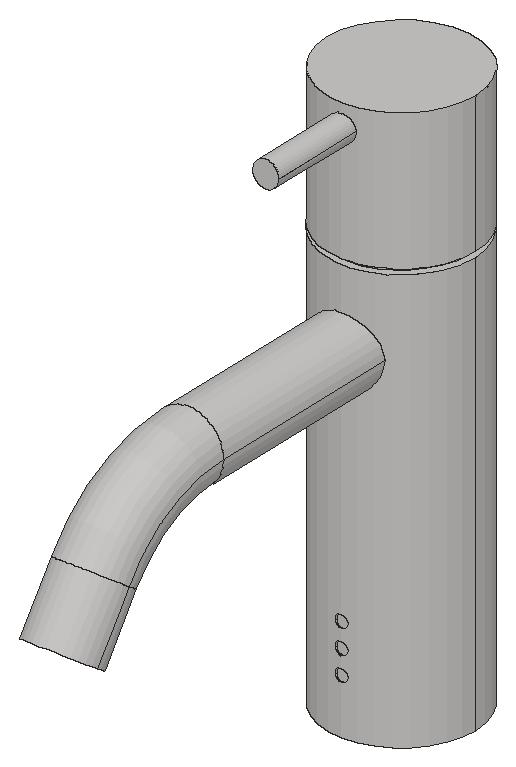
Revit family "HV1EN2", category Generic Models, Revit 2021
Family settings
  Can host rebar = No
  Round Connector Dimension = Use Diameter
  Part Type = Normal
  Work Plane-Based = No
  Always vertical = Yes
  Cut with Voids When Loaded = No
  Shared = No
  Room Calculation Point = No
Parameters (values of type "Standard")
  e-mail = "info@vola.com"
  URL = "http://vola.com"
  Telephone = "+45 7023 5500"
  Quality management standard = "ISO 9001"
  Organisation no. / DUNS no. = "17531328"
  Occupational health and safety management standard = "ISO 18001"
  Mounting Instructions = "http://vola.com/service/producturl.ashx?name=HV1EN2"
  Model = "HV1EN2"
  Materials and components information = "http://vola.com/service/producturl.ashx?name=HV1EN2"
  Manufacturer = "VOLA A/S"
  Maintenance Instructions = "http://vola.com/service/producturl.ashx?name=HV1EN2"
  Guarantee = "2 years"
  Flow = "5,00 l/min"
  Environmental management standard = "ISO 14000"
  Default Elevation = 0.0000 mm
  Connection - All relevant connections = "To valve box 3/8\" and to mixer 10mm flexible hose"
  Approvals = "http://vola.com/service/producturl.ashx?name=HV1EN2"
Reference planes
  plane 1 "Center (Front/Back)": y = 0
  plane 2: z = 0
  plane 3 "Center (Left/Right)": x = 0
Forms (mm)
  Extrusion 1, solid, material "Stainless Steel"
    sketch origin (0, 0, 0) x (1, 0, 0) y (0, 1, 0)
      loop
        circle (0, 0) r 20
    from 0 to 114
  Extrusion 2, solid, material "Stainless Steel"
    sketch origin (0, 0, 114) x (1, 0, 0) y (0, 1, 0)
      loop
        circle (0, 0) r 18
    from 0 to 1.5
  Extrusion 3, solid, material "Stainless Steel"
    sketch origin (0, 0, 115.5) x (1, 0, 0) y (0, 1, 0)
      loop
        circle (0, 0) r 20
    from 0 to 37.5
  Extrusion 4, solid, material "Stainless Steel"
    sketch origin (0, 0, 3) x (1, 0, 0) y (0, 0, 1)
      loop
        circle (0, 144) r 3.5
    from 0 to 45.5
  Sweep 5, solid, material "Stainless Steel"
    path origin (0, -5.174, 85) x (0, 1, 0) y (0, 0, 1)
      loop
        line (0, 8) -> (-66.35, 8)
        arc (-66.35, 8) -> (-84.312, 3.605) -> (-98.215, -8.588) r 38.9
    profile origin (0, -38.349, 93) x (0, 0, -1) y (1, 0, 0)
      loop
        circle (0, 0) r 9.5
  Extrusion 6, solid, material "Stainless Steel"
    sketch origin (0, -103.389, 76.412) x (1, 0, 0) y (0, -0.819152, 0.573576)
      loop
        circle (0, 0) r 9.5
    from 0 to 18.5
  Extrusion 7, void
    sketch origin (0, 0.392, 0) x (1, 0, 0) y (0, 0, 1)
      loop
        circle (0, 15) r 1.75
      loop
        circle (0, 21.5) r 1.75
      loop
        circle (0, 28) r 1.75
    from 20.071 to 22.373
Cuts and joins
  joined: Extrusion 3, Extrusion 4
  Extrusion 7 cuts Extrusion 1
  Extrusion 7 cuts Sweep 5
  joined: Extrusion 1, Sweep 5
Dimensions and locks
  aligned and locked: plane 2 to level
